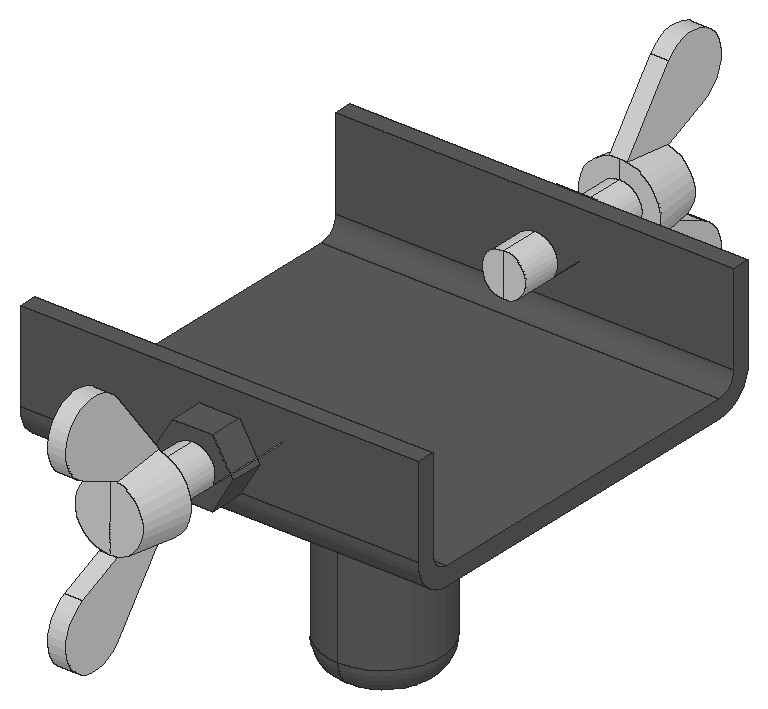
Revit family "CC4_HEAD CC FD_1870080", category Generic Models, Revit 2018
Family settings
  Can host rebar = No
  Round Connector Dimension = Use Diameter
  Part Type = Normal
  OmniClass Number = 35.51.14.00
  OmniClass Title = FORMWORK
  Work Plane-Based = Yes
  Always vertical = No
  Cut with Voids When Loaded = No
  Shared = Yes
  Room Calculation Point = No
Parameters
  VERSION = "20170217"  # constant formula
  URL = "www.ulmaconstruction.com/en"
  UNICLASS = ""
  Manufacturer = "ULMA CONSTRUCTION"  # constant formula
  ITEM_CODE = "1870080"
  FILTER [instance] = ""
  Default Elevation = 0.000 mm
  CLASSIFICATION_TITLE = ""
  CLASSIFICATION_NUMBER = ""
Reference planes
  plane 1 "Centro (Frontal/Posterior)": y = 0
  plane 2: z = 0
  plane 3 "Centro (Izquierda/Derecha)": x = 0
  plane 4 "MIDDLE": x = -350
Forms (mm)
  Extrusion 1, solid, material "ULMA BLACK", detail levels fine
    sketch origin (0, 0, -35) x (0, -1, 0) y (0, 0, 1)
      loop
        arc (-57, -238.5) -> (-54.071, -245.571) -> (-47, -248.5) r 10
        line (-47, -248.5) -> (47, -248.5)
        arc (47, -248.5) -> (54.071, -245.571) -> (57, -238.5) r 10
        line (57, -238.5) -> (57, -213.5) -> (52, -213.5) -> (52, -238.5)
        arc (52, -238.5) -> (50.536, -242.036) -> (47, -243.5) r 5
        line (47, -243.5) -> (-47, -243.5)
        arc (-47, -243.5) -> (-50.536, -242.036) -> (-52, -238.5) r 5
        line (-52, -238.5) -> (-52, -213.5) -> (-57, -213.5) -> (-57, -238.5)
    from 295 to 405
  Revolve 2, solid, material "ULMA BLACK", detail levels medium+fine
    sketch origin (-350, 0, -35) x (0, -1, 0) y (0, 0, 1)
      loop
        line (16, -300.5) -> (16, -248.5) -> (0, -248.5) -> (0, -308.5) -> (8, -308.5)
        arc (8, -308.5) -> (13.657, -306.157) -> (16, -300.5) r 8
      axis (0, -248.5) -> (0, -308.5)
    angle from 0 to 360
  Extrusion 3, solid, material "ULMA ZINC", detail levels fine
    sketch origin (0, -1.13, -35) x (0, -1, 0) y (0, 0, 1)
      loop
        line (79.887, -218.149) -> (94, -220) -> (106.062, -214.638)
        arc (106.062, -214.638) -> (109.834, -199.285) -> (94.026, -199.466) r 10
        line (94.026, -199.466) -> (79.887, -218.149)
    from 347.5 to 352.5
  Extrusion 4, solid, material "ULMA ZINC", detail levels fine
    sketch origin (0, 1.13, -35) x (0, 1, 0) y (0, 0, -1)
      loop
        line (79.887, 218.149) -> (94.026, 199.466)
        arc (94.026, 199.466) -> (109.834, 199.285) -> (106.062, 214.638) r 10
        line (106.062, 214.638) -> (94, 220) -> (79.887, 218.149)
    from 347.5 to 352.5
  Extrusion 5, solid, material "ULMA ZINC", detail levels fine
    sketch origin (0, -1.13, -494) x (0, -1, 0) y (0, 0, 1)
      loop
        line (79.887, 218.149) -> (94.026, 199.466)
        arc (94.026, 199.466) -> (109.834, 199.285) -> (106.062, 214.638) r 10
        line (106.062, 214.638) -> (94, 220) -> (79.887, 218.149)
    from 347.5 to 352.5
  Extrusion 6, solid, material "ULMA ZINC", detail levels fine
    sketch origin (0, 1.13, -494) x (0, 1, 0) y (0, 0, -1)
      loop
        line (79.887, -218.149) -> (94, -220) -> (106.062, -214.638)
        arc (106.062, -214.638) -> (109.834, -199.285) -> (94.026, -199.466) r 10
        line (94.026, -199.466) -> (79.887, -218.149)
    from 347.5 to 352.5
  Revolve 7, solid, material "ULMA ZINC", detail levels fine
    sketch origin (-349.836, -1.13, -35) x (0, -1, 0) y (0, 0, 1)
      loop
        line (80, -223.5) -> (40, -223.5) -> (40, -229.5) -> (94, -229.5) -> (94, -220) -> (80, -218.164) -> (80, -223.5)
      axis (40, -229.5) -> (94, -229.5)
    angle from 0 to 360
  Revolve 8, solid, material "ULMA ZINC", detail levels fine
    sketch origin (-349.836, 1.13, -35) x (0, 1, 0) y (0, 0, -1)
      loop
        line (80, 223.5) -> (80, 218.164) -> (94, 220) -> (94, 229.5) -> (40, 229.5) -> (40, 223.5) -> (80, 223.5)
      axis (40, 229.5) -> (94, 229.5)
    angle from 0 to 360
  Extrusion 9, solid, material "ULMA BLACK", detail levels fine
    sketch origin (0, 0, -35) x (1, 0, 0) y (0, 0, 1)
      loop
        line (-355.284, -238.983) -> (-344.342, -238.983) -> (-338.886, -229.5) -> (-344.361, -220.017) -> (-355.311, -220.017) -> (-360.796, -229.517) -> (-355.284, -238.983)
    from 57 to 66.4
  Extrusion 10, solid, material "ULMA BLACK", detail levels fine
    sketch origin (0, 123.4, -34.983) x (1, 0, 0) y (0, 0, 1)
      loop
        line (-355.284, -238.983) -> (-344.342, -238.983) -> (-338.886, -229.5) -> (-344.361, -220.017) -> (-355.311, -220.017) -> (-360.796, -229.517) -> (-355.284, -238.983)
    from 57 to 66.4
  Extrusion 11, solid, material "ULMA BLACK", detail levels medium
    sketch origin (0, 0, -35) x (0, -1, 0) y (0, 0, 1)
      loop
        line (-57, -248.5) -> (57, -248.5) -> (57, -243.5) -> (-57, -243.5) -> (-57, -248.5)
    from 295 to 405
Lines and regions (mm)
  model lines, style "ULMA HEAD CC FD", detail levels coarse
    curve 1: line (-425, 75, 0) -> (-275, -75, 0)
    curve 2: line (-275, 75, 0) -> (-425, -75, 0)
Dimensions and locks
  aligned and locked: level to plane 2
